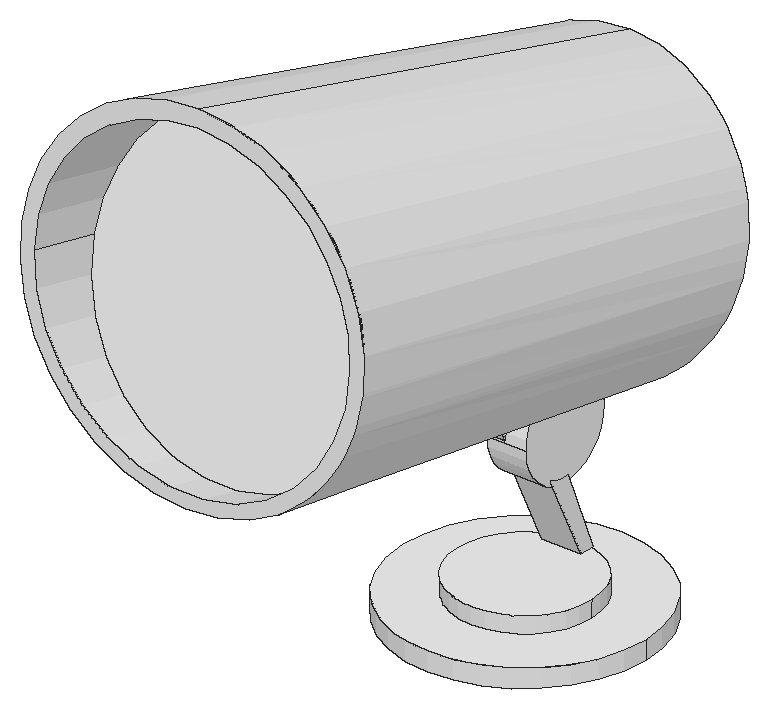
Revit family "Lighting-Accent-Acclaim-Dyna Accent White", category Lighting Fixtures, host Face, Revit 2017
Family settings
  Host = Face
  Round Connector Dimension = Use Diameter
  Part Type = Normal
  Cut with Voids When Loaded = No
  Light Source = Yes
  Shared = No
  Room Calculation Point = No
Parameters (values of type "Dyna Accent White")
  Wattage = 9.2903 W
  built-in parameter 1150110 = 1 (stored number, unit not read)
  Voltage = 0 V
  URL = "http://www.acclaimlighting.com/"
  built-in parameter 1114217 = 1 (stored number, unit not read)
  Tilt Angle = -90.00°
  built-in parameter 1150109 = 1 (stored number, unit not read)
  built-in parameter 1150134 = 3
  built-in parameter 1150113 = 1 (stored number, unit not read)
  Power Factor = 1
  Photometric Web File = "Load File"
  Number of Poles = 1
  built-in parameter 1150142 = (empty or 0)
  Model = "Dyna Accent White"
  Manufacturer = "Acclaim Lighting"
  built-in parameter 1150105 = 109.82 (stored number, unit not read)
  Lumens = 1380 lm
  built-in parameter 1150115 = 1 (stored number, unit not read)
  built-in parameter 1150137 = (empty or 0)
  built-in parameter 1150139 = (empty or 0)
  built-in parameter 1150112 = 1 (stored number, unit not read)
  built-in parameter 1150114 = 1 (stored number, unit not read)
  Lamp = "LED"
  built-in parameter 1150132 = (empty or 0)
  built-in parameter 1150102 = (empty or 0)
  built-in parameter 1150107 = 3200 (stored number, unit not read)
  built-in parameter 1150138 = (empty or 0)
  built-in parameter 1150106 = 1.0982 (stored number, unit not read)
  Housing Finish = Aluminum
  Emit from Circle Diameter = 6.00"
  Emit Shape Visible in Rendering = no
  built-in parameter 1150104 = 13.8 (stored number, unit not read)
  Dimming Lamp Color Temperature Shift = <None>
  Description = "Accent Fixture"
  Default Elevation = 48.00"
  Color Filter = 16777215
  built-in parameter 1114218 = 1 (stored number, unit not read)
  built-in parameter 1150133 = 10 (stored number, unit not read)
  Apparent Load = 0 VA
Reference planes (in)
  plane 1 "Center (Front/Back)": y = 0
  plane 2: z = 0
  plane 3 "Center (Left/Right)": x = 0
  plane 4: x = -19.69922
  plane 5: x = 19.69922
  plane 6: y = 3.09961
  plane 7: z = 6.9048
  plane 8: y = -3.09961
  plane 9: y = -7.96156
Forms (in)
  Revolve 1, solid, material "Aluminum" <- "Housing Finish"
    sketch origin (0, -1.0887, -0.65067) x (0, 0.970296, -0.241922) y (0, 0.241922, 0.970296)
      loop
        line (-9.85895, 11.1368) -> (-9.85895, 7.5456) -> (2.04902, 7.5456)
        arc (2.04902, 7.5456) -> (1.99698, 9.04839) -> (1.73543, 10.52916) r 10.73346
        line (1.73543, 10.52916) -> (-9.85895, 11.1368)
      axis (-9.85895, 7.5456) -> (2.04902, 7.5456)
    angle from 0 to 360
  Extrusion 2, void
    sketch origin (0, -1.68006, -0.50323) x (0, 0.970296, -0.241922) y (0, 0.241922, 0.970296)
      loop
        line (-9.22334, 11.13684) -> (-9.55271, 11.13684) -> (-9.55271, 3.91328) -> (-7.77604, 3.91328) -> (-9.22334, 11.13684)
    from -3.66913 to 4.1117
  Extrusion 3, solid, material "Aluminum" <- "Housing Finish"
    sketch origin (0, 0, 0) x (0, 1, 0) y (0, 0, 1)
      loop
        circle (0.48705, 3.22469) r 1
    from 0 to 0.8013
  Extrusion 4, solid, material "Aluminum" <- "Housing Finish"
    sketch origin (0, 0, 0) x (0, 1, 0) y (0, 0, 1)
      loop
        line (-1.30758, 4.38498) -> (-0.77725, 3.85465) -> (-0.35463, 2.94834)
        arc (-0.35463, 2.94834) -> (0.86075, 2.41238) -> (1.23141, 3.68792) r 0.88274
        line (1.23141, 3.68792) -> (0.69274, 4.53044) -> (-1.30758, 4.38498)
    from 0 to 0.35636
  Extrusion 5, solid, material "Aluminum" <- "Housing Finish"
    sketch origin (0.5, -0.1875, 0) x (1, 0, 0) y (0, 1, 0)
      loop
        circle (0, 0.02065) r 2.5
    from 0 to 0.38352
  Extrusion 6, solid, material "Aluminum" <- "Housing Finish"
    sketch origin (0.5, -0.20312, 0) x (1, 0, 0) y (0, 1, 0)
      loop
        circle (0, 0.03143) r 1.38041
    from 0.38352 to 0.71748
  Extrusion 7, solid, material "Aluminum" <- "Housing Finish"
    sketch origin (0, 0, 0) x (0, 1, 0) y (0, 0, 1)
      loop
        line (0.0963, 2.42118) -> (0.89075, 0.71748) -> (1.20871, 0.71748) -> (0.55626, 2.33234)
        arc (0.55626, 2.33234) -> (0.32028, 2.34569) -> (0.0963, 2.42118) r 0.88274
    from 0 to 0.8013
  Extrusion 8, void
    sketch origin (-0.03125, -1.0887, -0.65067) x (1, 0, 0) y (0, 0.241922, 0.970296)
      loop
        circle (0.03125, 7.53945) r 3.25
    from 7.54839 to 10.16217
Cuts and joins
  Extrusion 2, Extrusion 8 cuts Revolve 1
Dimensions and locks (in)
  equal spacing: plane 4, plane 3 "Center (Left/Right)", plane 5
  plane 4 to plane 5 = 39.39844"
  equal spacing: plane 5, plane 3 "Center (Left/Right)", plane 4
  plane 5 to plane 4 = 39.39844"
  equal spacing: plane 8, plane 1 "Center (Front/Back)", plane 6
  plane 8 to plane 6 = 6.19922"
  plane 6 to plane 9 = 11.06117"
  aligned and locked: plane 2 to host face
  aligned and locked: level to host face
  aligned and locked: Extrusion 6 to Extrusion 5
  aligned and locked: imposter light to cut or joined group of Revolve 1, Extrusion 2, Extrusion 8
Automatic sketch dimensions
  host sketch curve to host sketch curve = 96.00"  (x2)
  Extrusion 3 sketch curve to plane 1 "Center (Front/Back)" = 0.48705"
  level to Extrusion 3 sketch curve = 3.22469"
  plane 1 "Center (Front/Back)" to Extrusion 4 sketch curve = 0.77725"
  plane 1 "Center (Front/Back)" to Extrusion 4 sketch curve = 0.35463"
  Extrusion 4 sketch curve to plane 1 "Center (Front/Back)" = 0.48769"
  Extrusion 4 sketch curve to Extrusion 4 sketch curve = 0.74372"
  level to Extrusion 4 sketch curve = 2.94834"
  Extrusion 4 sketch curve to Extrusion 4 sketch curve = 0.26407"
  Extrusion 4 sketch curve to Extrusion 4 sketch curve = 0.90631"
  Extrusion 4 sketch curve to Extrusion 4 sketch curve = 0.53033"  (x2)
  Extrusion 4 sketch curve to plane 1 "Center (Front/Back)" = 0.69274"
  Extrusion 4 sketch curve to Extrusion 4 sketch curve = 0.84251"
  plane 3 "Center (Left/Right)" to Extrusion 5 sketch curve = 0.50"
  plane 1 "Center (Front/Back)" to Extrusion 5 sketch curve = 0.16685"
  plane 3 "Center (Left/Right)" to Extrusion 6 sketch curve = 0.50"
  plane 1 "Center (Front/Back)" to Extrusion 6 sketch curve = 0.1717"
  Extrusion 7 sketch curve to plane 1 "Center (Front/Back)" = 0.48769"
  Extrusion 7 sketch curve to plane 1 "Center (Front/Back)" = 0.89075"
  Extrusion 7 sketch curve to Extrusion 7 sketch curve = 0.31796"
  level to Extrusion 7 sketch curve = 0.71748"
  Extrusion 7 sketch curve to Extrusion 7 sketch curve = 2.49494"
  Extrusion 7 sketch curve to plane 1 "Center (Front/Back)" = 0.0963"
  Extrusion 7 sketch curve to Extrusion 7 sketch curve = 0.45996"
  Extrusion 7 sketch curve to Extrusion 7 sketch curve = 0.88007"
  Extrusion 8 sketch curve to plane 3 "Center (Left/Right)" = 0.00"
  Revolve 1 sketch curve to plane 9 = 0.001"
  Revolve 1 sketch curve to plane 7 = 5.63562"
  Revolve 1 sketch curve to Revolve 1 sketch curve = 1.18127"
  Revolve 1 sketch curve to Revolve 1 sketch curve = 10.41312"
  Revolve 1 sketch curve to Revolve 1 sketch curve = 0.31359"
  Revolve 1 sketch curve to Revolve 1 sketch curve = 0.60764"
  Revolve 1 sketch curve to Revolve 1 sketch curve = 3.21036"
  Revolve 1 sketch curve to Revolve 1 sketch curve = 1.32091"
  Revolve 1 sketch curve to Revolve 1 sketch curve = 2.84421"
  Revolve 1 sketch curve to Revolve 1 sketch curve = 0.00"
  plane 9 to Extrusion 2 sketch curve = 0.2932"
  Extrusion 2 sketch curve to plane 7 = 5.70902"
  Extrusion 2 sketch curve to Extrusion 2 sketch curve = 0.32937"
  Extrusion 2 sketch curve to Extrusion 2 sketch curve = 1.77666"
  Extrusion 2 sketch curve to Extrusion 2 sketch curve = 7.22357"
  radius of Extrusion 3 sketch curve = 1.00"
  radius of Extrusion 5 sketch curve = 2.50"
  radius of Extrusion 6 sketch curve = 1.38041"
  radius of Extrusion 8 sketch curve = 3.25"
Connectors (in)
  electrical at (0.5, -0.16685, 0), driven by "Number of Poles", driven by "Voltage", driven by "Apparent Load", driven by "Power Factor"
    settings: on Extrusion 5, index 1, voltage 0 V, apparent load 0 VA, apparent load phase1 0 VA, apparent load phase2 0 VA, apparent load phase3 0 VA, power factor 1, load classification "Other", number of poles 1, system type 31, power factor state 1, is connector primary yes, connector utility no, sub classification motor no, connector description ""
